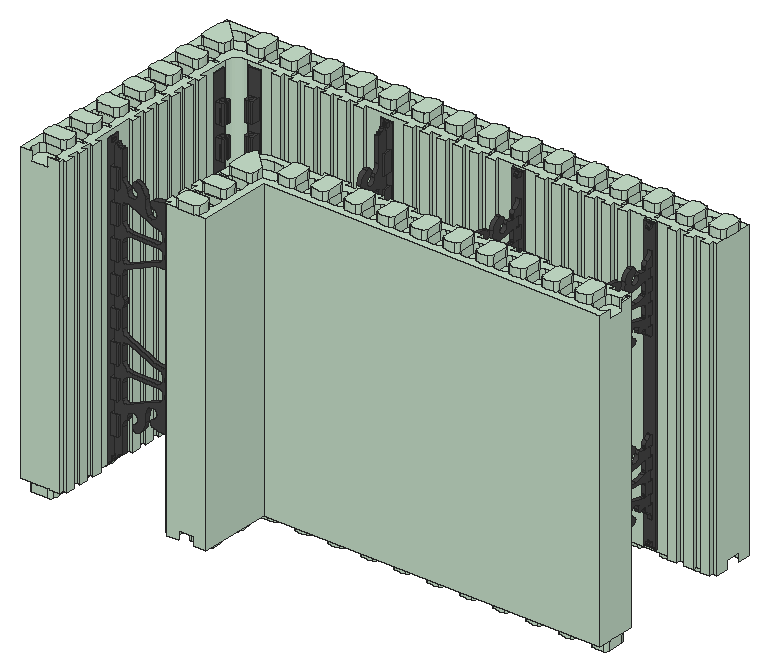
Revit family (continued)
Definition of nested family "NUDURA Logo Diamond"
  Lines and regions (in)
    model lines
      curve 37: arc (11.46711, 0, 15.93033) -> (11.39388, 0, 15.75355) -> (11.46711, 0, 15.57678) r 0.25
      curve 38: arc (12.52777, 0, 15.93033) -> (12.60099, 0, 15.75355) -> (12.52777, 0, 15.57678) r 0.25
      curve 39: arc (12.17421, 0, 15.22322) -> (11.99744, 0, 15.15) -> (11.82066, 0, 15.22322) r 0.25
      curve 40: arc (11.82066, 0, 16.28388) -> (11.99744, 0, 16.35711) -> (12.17421, 0, 16.28388) r 0.25
      curve 41: arc (12.59848, 0, 16.00104) -> (12.70099, 0, 15.75355) -> (12.59848, 0, 15.50607) r 0.35
      curve 42: line (11.63374, 0, 16.23839) -> (11.3964, 0, 16.00104)
      curve 43: line (12.59848, 0, 16.00104) -> (12.36113, 0, 16.23839)
      curve 44: arc (11.63374, 0, 15.26872) -> (11.74358, 0, 15.00355) -> (11.63374, 0, 14.73839) r 0.375
      curve 45: arc (12.36113, 0, 15.26872) -> (12.2513, 0, 15.00355) -> (12.36113, 0, 14.73839) r 0.375
      curve 46: line (12.36113, 0, 13.76872) -> (12.59848, 0, 14.00607)
      curve 47: line (11.3964, 0, 14.00607) -> (11.63374, 0, 13.76872)
      curve 48: line (11.82066, 0, 14.78388) -> (11.46711, 0, 14.43033)
      curve 49: line (12.52777, 0, 14.43033) -> (12.17421, 0, 14.78388)
      curve 50: line (12.17421, 0, 13.72322) -> (12.52777, 0, 14.07678)
      curve 51: line (11.46711, 0, 14.07678) -> (11.82066, 0, 13.72322)
      curve 52: arc (11.3964, 0, 14.50104) -> (11.29388, 0, 14.25355) -> (11.3964, 0, 14.00607) r 0.35
      curve 53: arc (11.46711, 0, 14.43033) -> (11.39388, 0, 14.25355) -> (11.46711, 0, 14.07678) r 0.25
      curve 54: arc (12.52777, 0, 14.43033) -> (12.60099, 0, 14.25355) -> (12.52777, 0, 14.07678) r 0.25
      curve 55: arc (12.17421, 0, 13.72322) -> (11.99744, 0, 13.65) -> (11.82066, 0, 13.72322) r 0.25
      curve 56: arc (11.82066, 0, 14.78388) -> (11.99744, 0, 14.85711) -> (12.17421, 0, 14.78388) r 0.25
      curve 57: arc (12.59848, 0, 14.50104) -> (12.70099, 0, 14.25355) -> (12.59848, 0, 14.00607) r 0.35
      curve 58: line (11.63374, 0, 14.73839) -> (11.3964, 0, 14.50104)
      curve 59: arc (11.63374, 0, 13.76872) -> (11.74358, 0, 13.50355) -> (11.63374, 0, 13.23839) r 0.375
      curve 60: arc (12.36113, 0, 13.76872) -> (12.2513, 0, 13.50355) -> (12.36113, 0, 13.23839) r 0.375
      curve 61: line (12.78279, 0, 12.81673) -> (12.36113, 0, 13.23839)
      curve 62: line (11.21208, 0, 12.81673) -> (11.28279, 0, 12.74602)
      curve 63: arc (11.82066, 0, 13.28388) -> (11.99744, 0, 13.35711) -> (12.17421, 0, 13.28388) r 0.25
      curve 64: line (12.59848, 0, 0.50607) -> (12.24492, 0, 0.15251)
      curve 65: line (12.36113, 0, 1.23839) -> (12.59848, 0, 1.00104)
      curve 66: line (12.59848, 0, 2.00607) -> (12.36113, 0, 1.76872)
      curve 67: line (12.36113, 0, 2.73839) -> (12.59848, 0, 2.50104)
      curve 68: line (12.59848, 0, 3.50607) -> (12.36113, 0, 3.26872)
      curve 69: line (12.36113, 0, 4.23839) -> (12.59848, 0, 4.00104)
      curve 70: line (12.17421, 0, 4.72322) -> (12.71208, 0, 5.26109)
      curve 71: line (12.71208, 0, 5.26109) -> (12.78279, 0, 5.19038)
      curve 72: line (11.28279, 0, 5.26109) -> (11.82066, 0, 4.72322)
      curve 73: line (11.63374, 0, 4.76872) -> (11.21208, 0, 5.19038)
      curve 74: line (11.3964, 0, 4.00104) -> (11.63374, 0, 4.23839)
      curve 75: line (11.63374, 0, 3.26872) -> (11.3964, 0, 3.50607)
      curve 76: line (11.3964, 0, 2.50104) -> (11.63374, 0, 2.73839)
      curve 77: line (11.63374, 0, 1.76872) -> (11.3964, 0, 2.00607)
      curve 78: line (11.3964, 0, 1.00104) -> (11.63374, 0, 1.23839)
      curve 79: line (11.74995, 0, 0.15251) -> (11.3964, 0, 0.50607)
      curve 80: line (11.82066, 0, 0.22322) -> (11.46711, 0, 0.57678)
      curve 81: line (12.52777, 0, 0.57678) -> (12.17421, 0, 0.22322)
      curve 82: line (12.17421, 0, 1.28388) -> (12.52777, 0, 0.93033)
      curve 83: line (11.46711, 0, 0.93033) -> (11.82066, 0, 1.28388)
      curve 84: arc (11.3964, 0, 0.50607) -> (11.29388, 0, 0.75355) -> (11.3964, 0, 1.00104) r 0.35
      curve 85: arc (11.74995, 0, 0.15251) -> (11.99744, 0, 0.05) -> (12.24492, 0, 0.15251) r 0.35
      curve 86: arc (11.46711, 0, 0.57678) -> (11.39388, 0, 0.75355) -> (11.46711, 0, 0.93033) r 0.25
      curve 87: arc (12.52777, 0, 0.57678) -> (12.60099, 0, 0.75355) -> (12.52777, 0, 0.93033) r 0.25
      curve 88: arc (12.17421, 0, 1.28388) -> (11.99744, 0, 1.35711) -> (11.82066, 0, 1.28388) r 0.25
      curve 89: arc (11.82066, 0, 0.22322) -> (11.99744, 0, 0.15) -> (12.17421, 0, 0.22322) r 0.25
      curve 90: arc (12.59848, 0, 0.50607) -> (12.70099, 0, 0.75355) -> (12.59848, 0, 1.00104) r 0.35
      curve 91: arc (11.63374, 0, 1.23839) -> (11.74358, 0, 1.50355) -> (11.63374, 0, 1.76872) r 0.375
      curve 92: arc (12.36113, 0, 1.23839) -> (12.2513, 0, 1.50355) -> (12.36113, 0, 1.76872) r 0.375
      curve 93: line (12.36113, 0, 2.73839) -> (12.59848, 0, 2.50104)
      curve 94: line (11.3964, 0, 2.50104) -> (11.63374, 0, 2.73839)
      curve 95: line (11.82066, 0, 1.72322) -> (11.46711, 0, 2.07678)
      curve 96: line (12.52777, 0, 2.07678) -> (12.17421, 0, 1.72322)
      curve 97: line (12.17421, 0, 2.78388) -> (12.52777, 0, 2.43033)
      curve 98: line (11.46711, 0, 2.43033) -> (11.82066, 0, 2.78388)
      curve 99: arc (11.3964, 0, 2.00607) -> (11.29388, 0, 2.25355) -> (11.3964, 0, 2.50104) r 0.35
      curve 100: arc (11.46711, 0, 2.07678) -> (11.39388, 0, 2.25355) -> (11.46711, 0, 2.43033) r 0.25
      curve 101: arc (12.52777, 0, 2.07678) -> (12.60099, 0, 2.25355) -> (12.52777, 0, 2.43033) r 0.25
      curve 102: arc (12.17421, 0, 2.78388) -> (11.99744, 0, 2.85711) -> (11.82066, 0, 2.78388) r 0.25
      curve 103: arc (11.82066, 0, 1.72322) -> (11.99744, 0, 1.65) -> (12.17421, 0, 1.72322) r 0.25
      curve 104: arc (12.59848, 0, 2.00607) -> (12.70099, 0, 2.25355) -> (12.59848, 0, 2.50104) r 0.35
      curve 105: line (11.63374, 0, 1.76872) -> (11.3964, 0, 2.00607)
      curve 106: line (12.59848, 0, 2.00607) -> (12.36113, 0, 1.76872)
      curve 107: arc (11.63374, 0, 2.73839) -> (11.74358, 0, 3.00355) -> (11.63374, 0, 3.26872) r 0.375
      curve 108: arc (12.36113, 0, 2.73839) -> (12.2513, 0, 3.00355) -> (12.36113, 0, 3.26872) r 0.375
      curve 109: line (12.36113, 0, 4.23839) -> (12.59848, 0, 4.00104)
      curve 110: line (11.3964, 0, 4.00104) -> (11.63374, 0, 4.23839)
      curve 111: line (11.82066, 0, 3.22322) -> (11.46711, 0, 3.57678)
      curve 112: line (12.52777, 0, 3.57678) -> (12.17421, 0, 3.22322)
      curve 113: line (12.17421, 0, 4.28388) -> (12.52777, 0, 3.93033)
      curve 114: line (11.46711, 0, 3.93033) -> (11.82066, 0, 4.28388)
      curve 115: arc (11.3964, 0, 3.50607) -> (11.29388, 0, 3.75355) -> (11.3964, 0, 4.00104) r 0.35
      curve 116: arc (11.46711, 0, 3.57678) -> (11.39388, 0, 3.75355) -> (11.46711, 0, 3.93033) r 0.25
      curve 117: arc (12.52777, 0, 3.57678) -> (12.60099, 0, 3.75355) -> (12.52777, 0, 3.93033) r 0.25
      curve 118: arc (12.17421, 0, 4.28388) -> (11.99744, 0, 4.35711) -> (11.82066, 0, 4.28388) r 0.25
      curve 119: arc (11.82066, 0, 3.22322) -> (11.99744, 0, 3.15) -> (12.17421, 0, 3.22322) r 0.25
      curve 120: arc (12.59848, 0, 3.50607) -> (12.70099, 0, 3.75355) -> (12.59848, 0, 4.00104) r 0.35
      curve 121: line (11.63374, 0, 3.26872) -> (11.3964, 0, 3.50607)
      curve 122: arc (11.63374, 0, 4.23839) -> (11.74358, 0, 4.50355) -> (11.63374, 0, 4.76872) r 0.375
      curve 123: arc (12.36113, 0, 4.23839) -> (12.2513, 0, 4.50355) -> (12.36113, 0, 4.76872) r 0.375
      curve 124: line (12.78279, 0, 5.19038) -> (12.36113, 0, 4.76872)
      curve 125: line (11.21208, 0, 5.19038) -> (11.28279, 0, 5.26109)
      curve 126: arc (11.82066, 0, 4.72322) -> (11.99744, 0, 4.65) -> (12.17421, 0, 4.72322) r 0.25
      curve 127: line (12.37244, 0, 12.50355) -> (11.62244, 0, 12.50355)
      curve 128: line (12.74744, 0, 5.87855) -> (12.74744, 0, 12.12855)
      curve 129: line (11.24744, 0, 12.12855) -> (11.24744, 0, 5.87855)
      curve 130: line (11.62244, 0, 5.50355) -> (12.37244, 0, 5.50355)
      curve 131: line (12.47232, 0, 12.00355) -> (12.0393, 0, 12.25355)
      curve 132: line (12.47232, 0, 11.50355) -> (12.47232, 0, 12.00355)
      curve 133: line (12.25581, 0, 11.37855) -> (12.47232, 0, 11.50355)
      curve 134: line (12.02256, 0, 11.51322) -> (12.25581, 0, 11.37855)
      curve 135: line (12.22232, 0, 11.62855) -> (12.02256, 0, 11.51322)
      curve 136: line (11.80605, 0, 12.11888) -> (12.22232, 0, 11.87855)
      curve 137: line (12.22232, 0, 11.87855) -> (12.22232, 0, 11.62855)
      curve 138: line (12.0393, 0, 12.25355) -> (11.80605, 0, 12.11888)
      curve 139: line (11.77256, 0, 11.63822) -> (11.97232, 0, 11.75355)
      curve 140: line (11.97232, 0, 11.75355) -> (11.73906, 0, 11.88822)
      curve 141: line (11.73906, 0, 11.88822) -> (11.52256, 0, 11.76322)
      curve 142: line (11.52256, 0, 11.76322) -> (11.52256, 0, 11.26322)
      curve 143: line (11.77256, 0, 11.38822) -> (11.77256, 0, 11.63822)
      curve 144: line (12.18882, 0, 11.14789) -> (11.77256, 0, 11.38822)
      curve 145: line (11.95557, 0, 11.01322) -> (12.18882, 0, 11.14789)
      curve 146: line (11.52256, 0, 11.26322) -> (11.95557, 0, 11.01322)
      curve 147: line (12.31108, 0, 10.60411) -> (11.68379, 0, 10.74458)
      curve 148: line (11.68379, 0, 10.74458) -> (11.68379, 0, 10.51321)
      curve 149: line (11.68379, 0, 10.51321) -> (12.1295, 0, 10.41405)
      curve 150: line (12.1295, 0, 10.41405) -> (11.68379, 0, 10.27358)
      curve 151: line (11.68379, 0, 10.27358) -> (11.68379, 0, 9.8852)
      curve 152: line (11.68379, 0, 9.8852) -> (12.17077, 0, 9.77615)
      curve 153: line (12.17077, 0, 9.77615) -> (12.17077, 0, 9.74472)
      curve 154: line (12.17077, 0, 9.74472) -> (11.86146, 0, 9.80279)
      curve 155: line (11.68379, 0, 9.65536) -> (11.68379, 0, 9.35864)
      curve 156: line (12.07077, 0, 8.74385) -> (12.07077, 0, 8.99996)
      curve 157: line (12.07077, 0, 8.99996) -> (11.68379, 0, 9.08605)
      curve 158: line (11.68379, 0, 9.08605) -> (11.68379, 0, 8.47809)
      curve 159: line (11.91823, 0, 9.06589) -> (12.31108, 0, 8.97792)
      curve 160: line (11.82444, 0, 8.55476) -> (11.82444, 0, 8.79865)
      curve 161: line (11.82444, 0, 8.79865) -> (12.07077, 0, 8.74385)
      curve 162: line (11.68379, 0, 8.07193) -> (11.68379, 0, 7.77522)
      curve 163: line (11.91823, 0, 7.48247) -> (12.21108, 0, 7.41688)
      curve 164: line (12.21108, 0, 7.41688) -> (12.21108, 0, 6.95405)
      curve 165: line (12.16108, 0, 6.90405) -> (12.12077, 0, 6.90405)
      curve 166: line (12.07077, 0, 6.95405) -> (12.07077, 0, 7.08675)
      curve 167: line (12.07077, 0, 7.08675) -> (12.12077, 0, 7.07556)
      curve 168: line (12.12077, 0, 7.07556) -> (12.12077, 0, 7.33463)
      curve 169: line (12.12077, 0, 7.33463) -> (11.68379, 0, 7.43249)
      curve 170: line (11.68379, 0, 7.43249) -> (11.68379, 0, 7.17341)
      curve 171: line (11.68379, 0, 7.17341) -> (11.97077, 0, 7.10915)
      curve 172: line (11.97077, 0, 7.10915) -> (11.97077, 0, 6.99425)
      curve 173: line (11.92077, 0, 6.94425) -> (11.68379, 0, 6.94425)
      curve 174: line (11.68379, 0, 6.94425) -> (11.68379, 0, 6.45682)
      curve 175: line (11.68379, 0, 6.45682) -> (11.78284, 0, 6.38658)
      curve 176: line (11.78284, 0, 6.38658) -> (11.78284, 0, 6.05178)
      curve 177: line (12.12371, 0, 6.14486) -> (11.88284, 0, 6.31567)
      curve 178: line (11.88284, 0, 6.31567) -> (11.88284, 0, 6.07909)
      curve 179: line (11.88284, 0, 6.07909) -> (12.12371, 0, 6.14486)
      curve 180: line (11.78284, 0, 6.05178) -> (11.68379, 0, 6.02474)
      curve 181: line (11.68379, 0, 6.02474) -> (11.68379, 0, 5.75355)
      curve 182: line (11.68379, 0, 5.75355) -> (12.31108, 0, 5.92483)
      curve 183: line (12.31108, 0, 5.92483) -> (12.31108, 0, 6.28791)
      curve 184: line (12.31108, 0, 6.28791) -> (11.76249, 0, 6.67694)
      curve 185: line (11.76249, 0, 6.67694) -> (11.90321, 0, 6.67694)
      curve 186: line (12.31108, 0, 6.78674) -> (12.31108, 0, 7.63562)
      curve 187: line (12.31108, 0, 7.63562) -> (11.90258, 0, 7.7271)
      curve 188: line (11.82444, 0, 7.82469) -> (11.82444, 0, 7.92839)
      curve 189: line (11.88536, 0, 7.97718) -> (12.31108, 0, 7.88185)
      curve 190: line (12.31108, 0, 7.88185) -> (12.31108, 0, 8.13496)
      curve 191: line (12.31108, 0, 8.13496) -> (12.08042, 0, 8.17826)
      curve 192: line (12.31108, 0, 8.38353) -> (12.31108, 0, 8.9465)
      curve 193: line (12.31108, 0, 8.9465) -> (12.17077, 0, 8.97771)
      curve 194: line (12.17077, 0, 8.97771) -> (12.17077, 0, 8.55476)
      curve 195: line (12.31108, 0, 8.97792) -> (12.31108, 0, 9.21905)
      curve 196: line (12.31108, 0, 9.21905) -> (11.90258, 0, 9.31053)
      curve 197: line (11.82444, 0, 9.40811) -> (11.82444, 0, 9.51182)
      curve 198: line (11.87938, 0, 9.56195) -> (12.31108, 0, 9.46528)
      curve 199: line (12.31108, 0, 9.46528) -> (12.31108, 0, 9.98469)
      curve 200: line (12.31108, 0, 9.98469) -> (11.90664, 0, 10.07526)
      curve 201: line (11.90664, 0, 10.07526) -> (12.31108, 0, 10.20747)
      curve 202: line (12.31108, 0, 10.20747) -> (12.31108, 0, 10.60411)
      curve 203: arc (11.68379, 0, 9.65536) -> (11.73801, 0, 9.7708) -> (11.86146, 0, 9.80279) r 0.15
      curve 204: arc (11.68379, 0, 9.35864) -> (11.74962, 0, 9.17112) -> (11.91823, 0, 9.06589) r 0.3
      curve 205: arc (11.84417, 0, 8.22149) -> (11.72718, 0, 8.32679) -> (11.68379, 0, 8.47809) r 0.28547
      curve 206: arc (11.68379, 0, 8.07193) -> (11.73147, 0, 8.18158) -> (11.84417, 0, 8.22149) r 0.14992
      curve 207: arc (11.68379, 0, 7.77522) -> (11.74962, 0, 7.58769) -> (11.91823, 0, 7.48247) r 0.3
      curve 208: arc (11.82444, 0, 7.82469) -> (11.84638, 0, 7.76218) -> (11.90258, 0, 7.7271) r 0.1
      curve 209: arc (11.82444, 0, 7.92839) -> (11.84318, 0, 7.96742) -> (11.88536, 0, 7.97718) r 0.05
      curve 210: arc (12.12077, 0, 6.90405) -> (12.08541, 0, 6.91869) -> (12.07077, 0, 6.95405) r 0.05
      curve 211: arc (12.16108, 0, 6.90405) -> (12.19644, 0, 6.91869) -> (12.21108, 0, 6.95405) r 0.05
      curve 212: arc (11.97077, 0, 6.99425) -> (11.95612, 0, 6.95889) -> (11.92077, 0, 6.94425) r 0.05
      curve 213: arc (11.90321, 0, 6.67694) -> (11.96756, 0, 6.70069) -> (12.00104, 0, 6.76055) r 0.09904
      curve 214: arc (12.00104, 0, 6.76055) -> (12.1681, 0, 6.63117) -> (12.31108, 0, 6.78674) r 0.15613
      curve 215: arc (12.08042, 0, 8.17826) -> (12.24181, 0, 8.22914) -> (12.31108, 0, 8.38353) r 0.20667
      curve 216: arc (11.82444, 0, 8.55476) -> (11.9976, 0, 8.3816) -> (12.17077, 0, 8.55476) r 0.17317
      curve 217: arc (11.82444, 0, 9.40811) -> (11.84638, 0, 9.34561) -> (11.90258, 0, 9.31053) r 0.1
      curve 218: arc (11.82444, 0, 9.51182) -> (11.8459, 0, 9.55306) -> (11.892, 0, 9.55913) r 0.05034
      curve 219: arc (11.24744, 0, 12.12855) -> (11.35727, 0, 12.39372) -> (11.62244, 0, 12.50355) r 0.375
      curve 220: arc (12.37244, 0, 12.50355) -> (12.6376, 0, 12.39372) -> (12.74744, 0, 12.12855) r 0.375
      curve 221: arc (11.24744, 0, 5.87855) -> (11.35727, 0, 5.61339) -> (11.62244, 0, 5.50355) r 0.375
      curve 222: arc (12.37244, 0, 5.50355) -> (12.6376, 0, 5.61339) -> (12.74744, 0, 5.87855) r 0.375
      curve 223: line (9.99744, 0, 18) -> (9.99744, 0, 0)
      curve 224: line (13.99744, 0, 18) -> (13.99744, 0, 0)
      curve 225: line (15.99744, 0, 18) -> (15.99744, 0, 0)
Definition of nested family "NUDURA Logo Diamond Missing Outside Line"
  Reference planes (in)
    plane 1 "Center (Front/Back)": y = 0
    plane 2: z = 0
    plane 3 "Center (Left/Right)": x = 0
  Lines and regions (in)
    model lines
      curve 1: line (12.59848, 0, 17.50104) -> (12.24492, 0, 17.85459)
      curve 2: line (12.36113, 0, 16.76872) -> (12.59848, 0, 17.00607)
      curve 3: line (12.59848, 0, 16.00104) -> (12.36113, 0, 16.23839)
      curve 4: line (12.36113, 0, 15.26872) -> (12.59848, 0, 15.50607)
      curve 5: line (12.59848, 0, 14.50104) -> (12.36113, 0, 14.73839)
      curve 6: line (12.36113, 0, 13.76872) -> (12.59848, 0, 14.00607)
      curve 7: line (12.17421, 0, 13.28388) -> (12.71208, 0, 12.74602)
      curve 8: line (12.71208, 0, 12.74602) -> (12.78279, 0, 12.81673)
      curve 9: line (11.28279, 0, 12.74602) -> (11.82066, 0, 13.28388)
      curve 10: line (11.63374, 0, 13.23839) -> (11.21208, 0, 12.81673)
      curve 11: line (11.3964, 0, 14.00607) -> (11.63374, 0, 13.76872)
      curve 12: line (11.63374, 0, 14.73839) -> (11.3964, 0, 14.50104)
      curve 13: line (11.3964, 0, 15.50607) -> (11.63374, 0, 15.26872)
      curve 14: line (11.63374, 0, 16.23839) -> (11.3964, 0, 16.00104)
      curve 15: line (11.3964, 0, 17.00607) -> (11.63374, 0, 16.76872)
      curve 16: line (11.74995, 0, 17.85459) -> (11.3964, 0, 17.50104)
      curve 17: line (11.82066, 0, 17.78388) -> (11.46711, 0, 17.43033)
      curve 18: line (12.52777, 0, 17.43033) -> (12.17421, 0, 17.78388)
      curve 19: line (12.17421, 0, 16.72322) -> (12.52777, 0, 17.07678)
      curve 20: line (11.46711, 0, 17.07678) -> (11.82066, 0, 16.72322)
      curve 21: arc (11.3964, 0, 17.50104) -> (11.29388, 0, 17.25355) -> (11.3964, 0, 17.00607) r 0.35
      curve 22: arc (11.74995, 0, 17.85459) -> (11.99744, 0, 17.95711) -> (12.24492, 0, 17.85459) r 0.35
      curve 23: arc (11.46711, 0, 17.43033) -> (11.39388, 0, 17.25355) -> (11.46711, 0, 17.07678) r 0.25
      curve 24: arc (12.52777, 0, 17.43033) -> (12.60099, 0, 17.25355) -> (12.52777, 0, 17.07678) r 0.25
      curve 25: arc (12.17421, 0, 16.72322) -> (11.99744, 0, 16.65) -> (11.82066, 0, 16.72322) r 0.25
      curve 26: arc (11.82066, 0, 17.78388) -> (11.99744, 0, 17.85711) -> (12.17421, 0, 17.78388) r 0.25
      curve 27: arc (12.59848, 0, 17.50104) -> (12.70099, 0, 17.25355) -> (12.59848, 0, 17.00607) r 0.35
      curve 28: arc (11.63374, 0, 16.76872) -> (11.74358, 0, 16.50355) -> (11.63374, 0, 16.23839) r 0.375
      curve 29: arc (12.36113, 0, 16.76872) -> (12.2513, 0, 16.50355) -> (12.36113, 0, 16.23839) r 0.375
      curve 30: line (12.36113, 0, 15.26872) -> (12.59848, 0, 15.50607)
      curve 31: line (11.3964, 0, 15.50607) -> (11.63374, 0, 15.26872)
      curve 32: line (11.82066, 0, 16.28388) -> (11.46711, 0, 15.93033)
      curve 33: line (12.52777, 0, 15.93033) -> (12.17421, 0, 16.28388)
      curve 34: line (12.17421, 0, 15.22322) -> (12.52777, 0, 15.57678)
      curve 35: line (11.46711, 0, 15.57678) -> (11.82066, 0, 15.22322)
      curve 36: arc (11.3964, 0, 16.00104) -> (11.29388, 0, 15.75355) -> (11.3964, 0, 15.50607) r 0.35
      curve 37: arc (11.46711, 0, 15.93033) -> (11.39388, 0, 15.75355) -> (11.46711, 0, 15.57678) r 0.25
      curve 38: arc (12.52777, 0, 15.93033) -> (12.60099, 0, 15.75355) -> (12.52777, 0, 15.57678) r 0.25
      curve 39: arc (12.17421, 0, 15.22322) -> (11.99744, 0, 15.15) -> (11.82066, 0, 15.22322) r 0.25
      curve 40: arc (11.82066, 0, 16.28388) -> (11.99744, 0, 16.35711) -> (12.17421, 0, 16.28388) r 0.25
      curve 41: arc (12.59848, 0, 16.00104) -> (12.70099, 0, 15.75355) -> (12.59848, 0, 15.50607) r 0.35
      curve 42: line (11.63374, 0, 16.23839) -> (11.3964, 0, 16.00104)
      curve 43: line (12.59848, 0, 16.00104) -> (12.36113, 0, 16.23839)
      curve 44: arc (11.63374, 0, 15.26872) -> (11.74358, 0, 15.00355) -> (11.63374, 0, 14.73839) r 0.375
      curve 45: arc (12.36113, 0, 15.26872) -> (12.2513, 0, 15.00355) -> (12.36113, 0, 14.73839) r 0.375
      curve 46: line (12.36113, 0, 13.76872) -> (12.59848, 0, 14.00607)
      curve 47: line (11.3964, 0, 14.00607) -> (11.63374, 0, 13.76872)
      curve 48: line (11.82066, 0, 14.78388) -> (11.46711, 0, 14.43033)
      curve 49: line (12.52777, 0, 14.43033) -> (12.17421, 0, 14.78388)
      curve 50: line (12.17421, 0, 13.72322) -> (12.52777, 0, 14.07678)
      curve 51: line (11.46711, 0, 14.07678) -> (11.82066, 0, 13.72322)
      curve 52: arc (11.3964, 0, 14.50104) -> (11.29388, 0, 14.25355) -> (11.3964, 0, 14.00607) r 0.35
      curve 53: arc (11.46711, 0, 14.43033) -> (11.39388, 0, 14.25355) -> (11.46711, 0, 14.07678) r 0.25
      curve 54: arc (12.52777, 0, 14.43033) -> (12.60099, 0, 14.25355) -> (12.52777, 0, 14.07678) r 0.25
      curve 55: arc (12.17421, 0, 13.72322) -> (11.99744, 0, 13.65) -> (11.82066, 0, 13.72322) r 0.25
      curve 56: arc (11.82066, 0, 14.78388) -> (11.99744, 0, 14.85711) -> (12.17421, 0, 14.78388) r 0.25
      curve 57: arc (12.59848, 0, 14.50104) -> (12.70099, 0, 14.25355) -> (12.59848, 0, 14.00607) r 0.35
      curve 58: line (11.63374, 0, 14.73839) -> (11.3964, 0, 14.50104)
      curve 59: arc (11.63374, 0, 13.76872) -> (11.74358, 0, 13.50355) -> (11.63374, 0, 13.23839) r 0.375
      curve 60: arc (12.36113, 0, 13.76872) -> (12.2513, 0, 13.50355) -> (12.36113, 0, 13.23839) r 0.375
      curve 61: line (12.78279, 0, 12.81673) -> (12.36113, 0, 13.23839)
      curve 62: line (11.21208, 0, 12.81673) -> (11.28279, 0, 12.74602)
      curve 63: arc (11.82066, 0, 13.28388) -> (11.99744, 0, 13.35711) -> (12.17421, 0, 13.28388) r 0.25
      curve 64: line (12.59848, 0, 0.50607) -> (12.24492, 0, 0.15251)
      curve 65: line (12.36113, 0, 1.23839) -> (12.59848, 0, 1.00104)
      curve 66: line (12.59848, 0, 2.00607) -> (12.36113, 0, 1.76872)
      curve 67: line (12.36113, 0, 2.73839) -> (12.59848, 0, 2.50104)
      curve 68: line (12.59848, 0, 3.50607) -> (12.36113, 0, 3.26872)
      curve 69: line (12.36113, 0, 4.23839) -> (12.59848, 0, 4.00104)
      curve 70: line (12.17421, 0, 4.72322) -> (12.71208, 0, 5.26109)
      curve 71: line (12.71208, 0, 5.26109) -> (12.78279, 0, 5.19038)
      curve 72: line (11.28279, 0, 5.26109) -> (11.82066, 0, 4.72322)
      curve 73: line (11.63374, 0, 4.76872) -> (11.21208, 0, 5.19038)
      curve 74: line (11.3964, 0, 4.00104) -> (11.63374, 0, 4.23839)
      curve 75: line (11.63374, 0, 3.26872) -> (11.3964, 0, 3.50607)
      curve 76: line (11.3964, 0, 2.50104) -> (11.63374, 0, 2.73839)
      curve 77: line (11.63374, 0, 1.76872) -> (11.3964, 0, 2.00607)
      curve 78: line (11.3964, 0, 1.00104) -> (11.63374, 0, 1.23839)
      curve 79: line (11.74995, 0, 0.15251) -> (11.3964, 0, 0.50607)
      curve 80: line (11.82066, 0, 0.22322) -> (11.46711, 0, 0.57678)
      curve 81: line (12.52777, 0, 0.57678) -> (12.17421, 0, 0.22322)
      curve 82: line (12.17421, 0, 1.28388) -> (12.52777, 0, 0.93033)
      curve 83: line (11.46711, 0, 0.93033) -> (11.82066, 0, 1.28388)
      curve 84: arc (11.3964, 0, 0.50607) -> (11.29388, 0, 0.75355) -> (11.3964, 0, 1.00104) r 0.35
      curve 85: arc (11.74995, 0, 0.15251) -> (11.99744, 0, 0.05) -> (12.24492, 0, 0.15251) r 0.35
      curve 86: arc (11.46711, 0, 0.57678) -> (11.39388, 0, 0.75355) -> (11.46711, 0, 0.93033) r 0.25
      curve 87: arc (12.52777, 0, 0.57678) -> (12.60099, 0, 0.75355) -> (12.52777, 0, 0.93033) r 0.25
      curve 88: arc (12.17421, 0, 1.28388) -> (11.99744, 0, 1.35711) -> (11.82066, 0, 1.28388) r 0.25
      curve 89: arc (11.82066, 0, 0.22322) -> (11.99744, 0, 0.15) -> (12.17421, 0, 0.22322) r 0.25
      curve 90: arc (12.59848, 0, 0.50607) -> (12.70099, 0, 0.75355) -> (12.59848, 0, 1.00104) r 0.35
      curve 91: arc (11.63374, 0, 1.23839) -> (11.74358, 0, 1.50355) -> (11.63374, 0, 1.76872) r 0.375
      curve 92: arc (12.36113, 0, 1.23839) -> (12.2513, 0, 1.50355) -> (12.36113, 0, 1.76872) r 0.375
      curve 93: line (12.36113, 0, 2.73839) -> (12.59848, 0, 2.50104)
      curve 94: line (11.3964, 0, 2.50104) -> (11.63374, 0, 2.73839)
      curve 95: line (11.82066, 0, 1.72322) -> (11.46711, 0, 2.07678)
      curve 96: line (12.52777, 0, 2.07678) -> (12.17421, 0, 1.72322)
      curve 97: line (12.17421, 0, 2.78388) -> (12.52777, 0, 2.43033)
      curve 98: line (11.46711, 0, 2.43033) -> (11.82066, 0, 2.78388)
      curve 99: arc (11.3964, 0, 2.00607) -> (11.29388, 0, 2.25355) -> (11.3964, 0, 2.50104) r 0.35
      curve 100: arc (11.46711, 0, 2.07678) -> (11.39388, 0, 2.25355) -> (11.46711, 0, 2.43033) r 0.25
      curve 101: arc (12.52777, 0, 2.07678) -> (12.60099, 0, 2.25355) -> (12.52777, 0, 2.43033) r 0.25
      curve 102: arc (12.17421, 0, 2.78388) -> (11.99744, 0, 2.85711) -> (11.82066, 0, 2.78388) r 0.25
      curve 103: arc (11.82066, 0, 1.72322) -> (11.99744, 0, 1.65) -> (12.17421, 0, 1.72322) r 0.25
      curve 104: arc (12.59848, 0, 2.00607) -> (12.70099, 0, 2.25355) -> (12.59848, 0, 2.50104) r 0.35
      curve 105: line (11.63374, 0, 1.76872) -> (11.3964, 0, 2.00607)
      curve 106: line (12.59848, 0, 2.00607) -> (12.36113, 0, 1.76872)
      curve 107: arc (11.63374, 0, 2.73839) -> (11.74358, 0, 3.00355) -> (11.63374, 0, 3.26872) r 0.375
      curve 108: arc (12.36113, 0, 2.73839) -> (12.2513, 0, 3.00355) -> (12.36113, 0, 3.26872) r 0.375
      curve 109: line (12.36113, 0, 4.23839) -> (12.59848, 0, 4.00104)
      curve 110: line (11.3964, 0, 4.00104) -> (11.63374, 0, 4.23839)
      curve 111: line (11.82066, 0, 3.22322) -> (11.46711, 0, 3.57678)
      curve 112: line (12.52777, 0, 3.57678) -> (12.17421, 0, 3.22322)
      curve 113: line (12.17421, 0, 4.28388) -> (12.52777, 0, 3.93033)
      curve 114: line (11.46711, 0, 3.93033) -> (11.82066, 0, 4.28388)
      curve 115: arc (11.3964, 0, 3.50607) -> (11.29388, 0, 3.75355) -> (11.3964, 0, 4.00104) r 0.35
      curve 116: arc (11.46711, 0, 3.57678) -> (11.39388, 0, 3.75355) -> (11.46711, 0, 3.93033) r 0.25
      curve 117: arc (12.52777, 0, 3.57678) -> (12.60099, 0, 3.75355) -> (12.52777, 0, 3.93033) r 0.25
      curve 118: arc (12.17421, 0, 4.28388) -> (11.99744, 0, 4.35711) -> (11.82066, 0, 4.28388) r 0.25
      curve 119: arc (11.82066, 0, 3.22322) -> (11.99744, 0, 3.15) -> (12.17421, 0, 3.22322) r 0.25
      curve 120: arc (12.59848, 0, 3.50607) -> (12.70099, 0, 3.75355) -> (12.59848, 0, 4.00104) r 0.35
      curve 121: line (11.63374, 0, 3.26872) -> (11.3964, 0, 3.50607)
      curve 122: arc (11.63374, 0, 4.23839) -> (11.74358, 0, 4.50355) -> (11.63374, 0, 4.76872) r 0.375
      curve 123: arc (12.36113, 0, 4.23839) -> (12.2513, 0, 4.50355) -> (12.36113, 0, 4.76872) r 0.375
      curve 124: line (12.78279, 0, 5.19038) -> (12.36113, 0, 4.76872)
      curve 125: line (11.21208, 0, 5.19038) -> (11.28279, 0, 5.26109)
      curve 126: arc (11.82066, 0, 4.72322) -> (11.99744, 0, 4.65) -> (12.17421, 0, 4.72322) r 0.25
      curve 127: line (12.37244, 0, 12.50355) -> (11.62244, 0, 12.50355)
      curve 128: line (12.74744, 0, 5.87855) -> (12.74744, 0, 12.12855)
      curve 129: line (11.24744, 0, 12.12855) -> (11.24744, 0, 5.87855)
      curve 130: line (11.62244, 0, 5.50355) -> (12.37244, 0, 5.50355)
      curve 131: line (12.47232, 0, 12.00355) -> (12.0393, 0, 12.25355)
      curve 132: line (12.47232, 0, 11.50355) -> (12.47232, 0, 12.00355)
      curve 133: line (12.25581, 0, 11.37855) -> (12.47232, 0, 11.50355)
      curve 134: line (12.02256, 0, 11.51322) -> (12.25581, 0, 11.37855)
      curve 135: line (12.22232, 0, 11.62855) -> (12.02256, 0, 11.51322)
      curve 136: line (11.80605, 0, 12.11888) -> (12.22232, 0, 11.87855)
      curve 137: line (12.22232, 0, 11.87855) -> (12.22232, 0, 11.62855)
      curve 138: line (12.0393, 0, 12.25355) -> (11.80605, 0, 12.11888)
      curve 139: line (11.77256, 0, 11.63822) -> (11.97232, 0, 11.75355)
      curve 140: line (11.97232, 0, 11.75355) -> (11.73906, 0, 11.88822)
      curve 141: line (11.73906, 0, 11.88822) -> (11.52256, 0, 11.76322)
      curve 142: line (11.52256, 0, 11.76322) -> (11.52256, 0, 11.26322)
      curve 143: line (11.77256, 0, 11.38822) -> (11.77256, 0, 11.63822)
      curve 144: line (12.18882, 0, 11.14789) -> (11.77256, 0, 11.38822)
      curve 145: line (11.95557, 0, 11.01322) -> (12.18882, 0, 11.14789)
      curve 146: line (11.52256, 0, 11.26322) -> (11.95557, 0, 11.01322)
      curve 147: line (12.31108, 0, 10.60411) -> (11.68379, 0, 10.74458)
      curve 148: line (11.68379, 0, 10.74458) -> (11.68379, 0, 10.51321)
      curve 149: line (11.68379, 0, 10.51321) -> (12.1295, 0, 10.41405)
      curve 150: line (12.1295, 0, 10.41405) -> (11.68379, 0, 10.27358)
      curve 151: line (11.68379, 0, 10.27358) -> (11.68379, 0, 9.8852)
      curve 152: line (11.68379, 0, 9.8852) -> (12.17077, 0, 9.77615)
      curve 153: line (12.17077, 0, 9.77615) -> (12.17077, 0, 9.74472)
      curve 154: line (12.17077, 0, 9.74472) -> (11.86146, 0, 9.80279)
      curve 155: line (11.68379, 0, 9.65536) -> (11.68379, 0, 9.35864)
      curve 156: line (12.07077, 0, 8.74385) -> (12.07077, 0, 8.99996)
      curve 157: line (12.07077, 0, 8.99996) -> (11.68379, 0, 9.08605)
      curve 158: line (11.68379, 0, 9.08605) -> (11.68379, 0, 8.47809)
      curve 159: line (11.91823, 0, 9.06589) -> (12.31108, 0, 8.97792)
      curve 160: line (11.82444, 0, 8.55476) -> (11.82444, 0, 8.79865)
      curve 161: line (11.82444, 0, 8.79865) -> (12.07077, 0, 8.74385)
      curve 162: line (11.68379, 0, 8.07193) -> (11.68379, 0, 7.77522)
      curve 163: line (11.91823, 0, 7.48247) -> (12.21108, 0, 7.41688)
      curve 164: line (12.21108, 0, 7.41688) -> (12.21108, 0, 6.95405)
      curve 165: line (12.16108, 0, 6.90405) -> (12.12077, 0, 6.90405)
      curve 166: line (12.07077, 0, 6.95405) -> (12.07077, 0, 7.08675)
      curve 167: line (12.07077, 0, 7.08675) -> (12.12077, 0, 7.07556)
      curve 168: line (12.12077, 0, 7.07556) -> (12.12077, 0, 7.33463)
      curve 169: line (12.12077, 0, 7.33463) -> (11.68379, 0, 7.43249)
      curve 170: line (11.68379, 0, 7.43249) -> (11.68379, 0, 7.17341)
      curve 171: line (11.68379, 0, 7.17341) -> (11.97077, 0, 7.10915)
      curve 172: line (11.97077, 0, 7.10915) -> (11.97077, 0, 6.99425)
      curve 173: line (11.92077, 0, 6.94425) -> (11.68379, 0, 6.94425)
      curve 174: line (11.68379, 0, 6.94425) -> (11.68379, 0, 6.45682)
      curve 175: line (11.68379, 0, 6.45682) -> (11.78284, 0, 6.38658)
      curve 176: line (11.78284, 0, 6.38658) -> (11.78284, 0, 6.05178)
      curve 177: line (12.12371, 0, 6.14486) -> (11.88284, 0, 6.31567)
      curve 178: line (11.88284, 0, 6.31567) -> (11.88284, 0, 6.07909)
      curve 179: line (11.88284, 0, 6.07909) -> (12.12371, 0, 6.14486)
      curve 180: line (11.78284, 0, 6.05178) -> (11.68379, 0, 6.02474)
      curve 181: line (11.68379, 0, 6.02474) -> (11.68379, 0, 5.75355)
      curve 182: line (11.68379, 0, 5.75355) -> (12.31108, 0, 5.92483)
      curve 183: line (12.31108, 0, 5.92483) -> (12.31108, 0, 6.28791)
      curve 184: line (12.31108, 0, 6.28791) -> (11.76249, 0, 6.67694)
      curve 185: line (11.76249, 0, 6.67694) -> (11.90321, 0, 6.67694)
      curve 186: line (12.31108, 0, 6.78674) -> (12.31108, 0, 7.63562)
      curve 187: line (12.31108, 0, 7.63562) -> (11.90258, 0, 7.7271)
      curve 188: line (11.82444, 0, 7.82469) -> (11.82444, 0, 7.92839)
      curve 189: line (11.88536, 0, 7.97718) -> (12.31108, 0, 7.88185)
      curve 190: line (12.31108, 0, 7.88185) -> (12.31108, 0, 8.13496)
      curve 191: line (12.31108, 0, 8.13496) -> (12.08042, 0, 8.17826)
      curve 192: line (12.31108, 0, 8.38353) -> (12.31108, 0, 8.9465)
      curve 193: line (12.31108, 0, 8.9465) -> (12.17077, 0, 8.97771)
      curve 194: line (12.17077, 0, 8.97771) -> (12.17077, 0, 8.55476)
      curve 195: line (12.31108, 0, 8.97792) -> (12.31108, 0, 9.21905)
      curve 196: line (12.31108, 0, 9.21905) -> (11.90258, 0, 9.31053)
      curve 197: line (11.82444, 0, 9.40811) -> (11.82444, 0, 9.51182)
      curve 198: line (11.87938, 0, 9.56195) -> (12.31108, 0, 9.46528)
      curve 199: line (12.31108, 0, 9.46528) -> (12.31108, 0, 9.98469)
      curve 200: line (12.31108, 0, 9.98469) -> (11.90664, 0, 10.07526)
      curve 201: line (11.90664, 0, 10.07526) -> (12.31108, 0, 10.20747)
      curve 202: line (12.31108, 0, 10.20747) -> (12.31108, 0, 10.60411)
      curve 203: arc (11.68379, 0, 9.65536) -> (11.73801, 0, 9.7708) -> (11.86146, 0, 9.80279) r 0.15
      curve 204: arc (11.68379, 0, 9.35864) -> (11.74962, 0, 9.17112) -> (11.91823, 0, 9.06589) r 0.3
      curve 205: arc (11.84417, 0, 8.22149) -> (11.72718, 0, 8.32679) -> (11.68379, 0, 8.47809) r 0.28547
      curve 206: arc (11.68379, 0, 8.07193) -> (11.73147, 0, 8.18158) -> (11.84417, 0, 8.22149) r 0.14992
      curve 207: arc (11.68379, 0, 7.77522) -> (11.74962, 0, 7.58769) -> (11.91823, 0, 7.48247) r 0.3
      curve 208: arc (11.82444, 0, 7.82469) -> (11.84638, 0, 7.76218) -> (11.90258, 0, 7.7271) r 0.1
      curve 209: arc (11.82444, 0, 7.92839) -> (11.84318, 0, 7.96742) -> (11.88536, 0, 7.97718) r 0.05
      curve 210: arc (12.12077, 0, 6.90405) -> (12.08541, 0, 6.91869) -> (12.07077, 0, 6.95405) r 0.05
      curve 211: arc (12.16108, 0, 6.90405) -> (12.19644, 0, 6.91869) -> (12.21108, 0, 6.95405) r 0.05
      curve 212: arc (11.97077, 0, 6.99425) -> (11.95612, 0, 6.95889) -> (11.92077, 0, 6.94425) r 0.05
      curve 213: arc (11.90321, 0, 6.67694) -> (11.96756, 0, 6.70069) -> (12.00104, 0, 6.76055) r 0.09904
      curve 214: arc (12.00104, 0, 6.76055) -> (12.1681, 0, 6.63117) -> (12.31108, 0, 6.78674) r 0.15613
      curve 215: arc (12.08042, 0, 8.17826) -> (12.24181, 0, 8.22914) -> (12.31108, 0, 8.38353) r 0.20667
      curve 216: arc (11.82444, 0, 8.55476) -> (11.9976, 0, 8.3816) -> (12.17077, 0, 8.55476) r 0.17317
      curve 217: arc (11.82444, 0, 9.40811) -> (11.84638, 0, 9.34561) -> (11.90258, 0, 9.31053) r 0.1
      curve 218: arc (11.82444, 0, 9.51182) -> (11.8459, 0, 9.55306) -> (11.892, 0, 9.55913) r 0.05034
      curve 219: arc (11.24744, 0, 12.12855) -> (11.35727, 0, 12.39372) -> (11.62244, 0, 12.50355) r 0.375
      curve 220: arc (12.37244, 0, 12.50355) -> (12.6376, 0, 12.39372) -> (12.74744, 0, 12.12855) r 0.375
      curve 221: arc (11.24744, 0, 5.87855) -> (11.35727, 0, 5.61339) -> (11.62244, 0, 5.50355) r 0.375
      curve 222: arc (12.37244, 0, 5.50355) -> (12.6376, 0, 5.61339) -> (12.74744, 0, 5.87855) r 0.375
      curve 223: line (9.99744, 0, 18) -> (9.99744, 0, 0)
      curve 224: line (13.99744, 0, 18) -> (13.99744, 0, 0)
